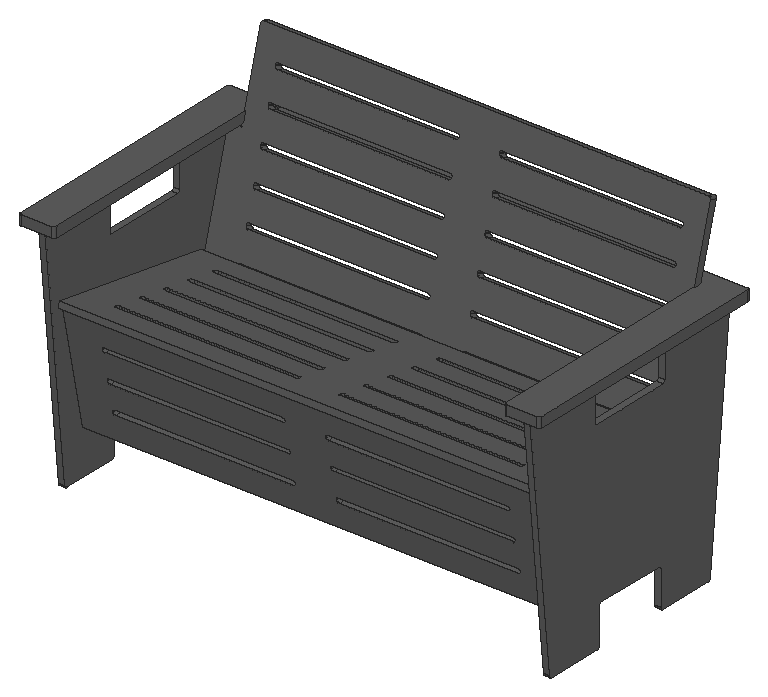
Revit family "Lollygagger Go Love Seat", category Furniture, Revit 2016 (continued)
Automatic sketch dimensions
  plane 11 to Extrusion 22 sketch curve = 0' - 1.17811"
  Extrusion 22 sketch curve to Extrusion 22 sketch curve = 0' - 0.27564"
  Extrusion 22 sketch curve to plane 5 = 0' - 0 7/8"
  Extrusion 22 sketch curve to Extrusion 22 sketch curve = 0' - 0 1/4"
  Extrusion 22 sketch curve to plane 5 = 0' - 0 1/4"
  plane 6 to Extrusion 22 sketch curve = 0' - 0.14238"
  Extrusion 23 sketch curve to plane 3 "Center Left/Right" = 0' - 0"
  Extrusion 23 sketch curve to plane 16 = 0' - 0 7/16"
  Extrusion 23 sketch curve to plane 14 = 0' - 0 7/16"
  plane 11 to Extrusion 23 sketch curve = 0' - 1.16996"
  plane 6 to Extrusion 23 sketch curve = 0' - 0.25323"  (x2)
  plane 6 to Extrusion 23 sketch curve = 0' - 0.96033"
  Extrusion 24 sketch curve to plane 5 = 0' - 0"  (x2)
  Extrusion 24 sketch curve to level = 0' - 0"  (x2)
  plane 7 to Extrusion 24 sketch curve = 0' - 0.60108"
  Extrusion 24 sketch curve to plane 12 = 0' - 0.07784"
  Extrusion 24 sketch curve to Extrusion 24 sketch curve = 0' - 0.24863"
  plane 1 "Center Front/Back" to Extrusion 24 sketch curve = 0' - 4.37245"
  level to Extrusion 24 sketch curve = 0' - 0 1/4"
  plane 1 "Center Front/Back" to Extrusion 24 sketch curve = 0' - 4.12623"
  Extrusion 24 sketch curve to Extrusion 24 sketch curve = 0' - 0 1/4"  (x4)
  plane 8 to Extrusion 24 sketch curve = 0' - 0.01155"
  Extrusion 24 sketch curve to plane 8 = 0' - 0.23845"
  Extrusion 24 sketch curve to plane 1 "Center Front/Back" = 0' - 3.62623"
  Extrusion 24 sketch curve to plane 1 "Center Front/Back" = 0' - 4.12245"
  Extrusion 24 sketch curve to Extrusion 24 sketch curve = 0' - 0.24753"
  Extrusion 24 sketch curve to plane 11 = 0' - 0.32394"
  Extrusion 24 sketch curve to plane 11 = 0' - 0.07783"
  Extrusion 24 sketch curve to plane 6 = 0' - 0.60108"
  Extrusion 24 sketch curve to Extrusion 24 sketch curve = 0' - 3 3/4"
  Extrusion 24 sketch curve to Extrusion 24 sketch curve = 0' - 0.24746"
  Masking region 3 sketch curve to plane 5 = 0' - 0"  (x2)
  Masking region 3 sketch curve to plane 12 = 0' - 0.07784"
  plane 1 "Center Front/Back" to Masking region 3 sketch curve = 0' - 4.37245"
  Masking region 3 sketch curve to Masking region 3 sketch curve = 0' - 0 1/4"  (x2)
  Masking region 3 sketch curve to plane 1 "Center Front/Back" = 0' - 4.12245"
  Masking region 3 sketch curve to plane 6 = 0' - 0.35834"
  Masking region 3 sketch curve to plane 5 = 0' - 4"
  Masking region 3 sketch curve to plane 11 = 0' - 0.07783"
  Masking region 7 sketch curve to plane 6 = 0' - 0"  (x2)
  Masking region 7 sketch curve to plane 3 "Center Left/Right" = 0' - 0"
  Masking region 7 sketch curve to plane 14 = 0' - 0"
  Masking region 7 sketch curve to Masking region 7 sketch curve = 0' - 0.2492"  (x2)
  plane 12 to Masking region 7 sketch curve = 0' - 0.82117"
  plane 6 to Masking region 7 sketch curve = 0' - 0.14615"
  Masking region 7 sketch curve to Masking region 7 sketch curve = 0' - 0.14615"
  plane 6 to Masking region 7 sketch curve = 0' - 0.96033"
  radius of Extrusion 3 sketch curve = 0' - 0.15388"  (x2)
  radius of Extrusion 5 sketch curve = 0' - 0.15388"  (x2)
  radius of Extrusion 6 sketch curve = 0' - 0.15388"  (x2)
  radius of Extrusion 7 sketch curve = 0' - 0.15388"  (x2)
  radius of Extrusion 10 sketch curve = 0' - 0.15567"  (x2)
  radius of Extrusion 11 sketch curve = 0' - 0.15567"  (x2)
  radius of Extrusion 14 sketch curve = 0' - 0.15567"  (x2)
  radius of Extrusion 15 sketch curve = 0' - 0.15567"  (x2)
  radius of Extrusion 16 sketch curve = 0' - 0.15567"  (x2)
  radius of Extrusion 17 sketch curve = 0' - 0.15567"  (x2)
  radius of Extrusion 19 sketch curve = 0' - 0.15456"  (x2)
  radius of Extrusion 20 sketch curve = 0' - 0.14972"  (x2)
  radius of Extrusion 21 sketch curve = 0' - 0.15619"  (x2)
Types (11): name | Finish Material
  Loll-Black | Loll-Black
  Loll-Sunset | Loll-Sunset
  Loll-Chocolate | Loll-Chocolate
  Loll-Sky | Loll-Sky
  Loll-Apple | Loll-Apple
  Loll-Leaf | Loll-Leaf
  Loll-Evergreen | Loll-Evergreen
  Loll-Charcoal | Loll-Charcoal
  Loll-Sand | Loll-Sand
  Loll-Navy Blue | Loll-Navy Blue
  Loll-White | Loll-White
